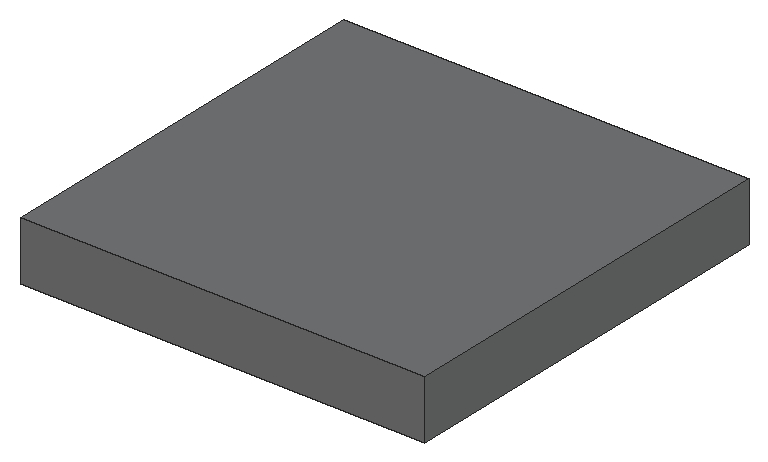
Revit family "Gira_536603", category Electrical Fixtures, host Face, Revit 2017
Family settings
  Host = Face
  Maintain Annotation Orientation = No
  Round Connector Dimension = Use Diameter
  Part Type = Normal
  Cut with Voids When Loaded = No
  Shared = No
  Room Calculation Point = No
Parameters (values of type "S3000 Jal.- + Schaltuhr Display System 55 Reinweiß")
  Werkstoffgüte = "sonstige"
  Werkstoff = "sonstige"
  URL = "http://katalog.gira.de/de_DE/datenblatt.html?artikelnr=536603"
  Transparent = "No"
  Region = "DE"
  RAL-Nummer (ähnlich) = "9010 "
  Oberfläche = "sonstige"
  Name = "S3000 Jal.- + Schaltuhr Display System 55 Reinweiß"
  Mit LED-Anzeige = "Yes"
  Mit Abdeckung = "Yes"
  Manufacturer URL = "https://www.gira.de/"
  Keynote = "Sys55_Abdeckung_Schalten und Tasten"
  HeinzeBIM = "https://bimportal.heinze.de/bim/s3000-jal-schaltuhr-display-system-55-reinweiss/41b37f97575e7815cbc06fc00cbd6a036c7fa9ec"
  Halogenfrei = "Yes"
  HAN = "536603"
  Geeignet für Schalteinsatz = "No"
  Geeignet für Jalousieeinsatz = "Yes"
  Geeignet für Dimmeinsatz = "No"
  GTIN = "4010337027447"
  Farbe = "weiß"
  Default Elevation = 1219.2 mm
  Data sheet (1) = "https://katalog.gira.de/de_DE/download.html?artikelnr=536603"
  Category = "Bedienelement intelligent"
  Available = "Yes"
  Ausführung der Oberfläche = "glänzend"
  Anzahl der Tasten = "2 "
  Anzahl der Betätigungspunkte = "4 "
  Anwendung = "Steuern elektrischer Verbraucher"
  Anthrazit [instance] = Anthrazit
Reference planes
  plane 1 "Center (Front/Back)": y = 0
  plane 2: z = 0
  plane 3 "Center (Left/Right)": x = 0
Forms (mm)
  Extrusion 1, solid, material "Anthrazit" <- "Anthrazit", detail levels fine
    sketch origin (0, 0, 0) x (1, 0, 0) y (0, 1, 0)
      loop
        line (-27.5, 27.5) -> (-27.5, -27.5) -> (27.5, -27.5) -> (27.5, 27.5) -> (-27.5, 27.5)
    from 0 to 8
  Extrusion 2, void
    sketch origin (0, 0, 0) x (1, 0, 0) y (0, 1, 0)
      loop
        line (26, 26) -> (-26, 26) -> (-26, -26) -> (26, -26) -> (26, 26)
    from 0 to 6
  Extrusion 3, solid, material "Anthrazit" <- "Anthrazit", detail levels medium
    sketch origin (0, 0, 0) x (1, 0, 0) y (0, 1, 0)
      loop
        line (-27.5, 27.5) -> (-27.5, -27.5) -> (27.5, -27.5) -> (27.5, 27.5) -> (-27.5, 27.5)
    from 0 to 8
  Extrusion 4, solid, material "Anthrazit" <- "Anthrazit", detail levels medium
    sketch origin (0, 0, 0) x (1, 0, 0) y (0, 1, 0)
      loop
        line (11, -17.5) -> (11, 17.5) -> (-11, 17.5) -> (-11, -17.5) -> (11, -17.5)
    from -6 to 6
  Extrusion 5, solid, material "Anthrazit" <- "Anthrazit", detail levels fine
    sketch origin (0, 0, 0) x (1, 0, 0) y (0, 1, 0)
      loop
        line (11, 17.5) -> (-11, 17.5) -> (-11, 16.5) -> (11, 16.5) -> (11, 17.5)
      loop
        line (-11, -16.5) -> (-11, -17.5) -> (11, -17.5) -> (11, -16.5) -> (-11, -16.5)
    from -4 to 6
  Extrusion 6, solid, material "Anthrazit" <- "Anthrazit", detail levels fine
    sketch origin (0, 0, 0) x (1, 0, 0) y (0, 1, 0)
      loop
        arc (5, 9.347) -> (0, 10.6) -> (-5, 9.347) r 10.6
        line (-5, 9.347) -> (-5, -9.347)
        arc (-5, -9.347) -> (0, -10.6) -> (5, -9.347) r 10.6
        line (5, -9.347) -> (5, 9.347)
    from -6 to 6
  Extrusion 7, solid, material "Anthrazit" <- "Anthrazit", detail levels coarse
    sketch origin (0, 0, 0) x (1, 0, 0) y (0, 1, 0)
      loop
        line (-27.5, 27.5) -> (-27.5, -27.5) -> (27.5, -27.5) -> (27.5, 27.5) -> (-27.5, 27.5)
    from -6 to 8
Cuts and joins
  Extrusion 2 cuts Extrusion 1
Dimensions and locks
  aligned and locked: plane 2 to host face
  aligned and locked: level to host face
